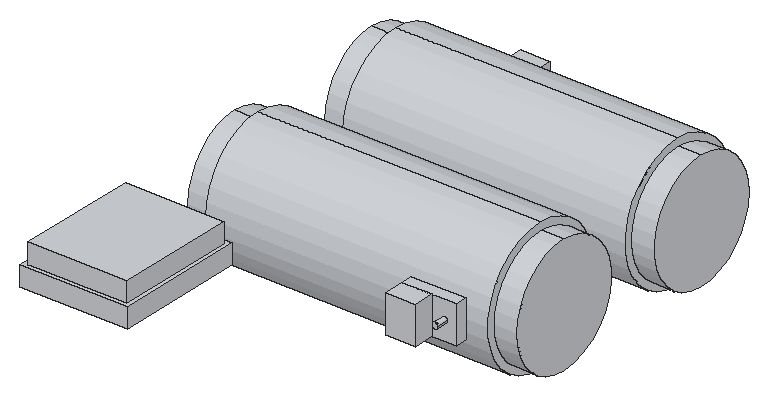
Revit family "SMART box 1  (supply-exhaust-controls)_2", category Příslušenství potrubí, Revit 2018
Family settings
  Kóta kulaté spojky = Použít průměr
  Typ dílu = Zalomí se do
  Číslo OmniClass = 23.75.00.00
  Nadpis OmniClass = Climate Control (HVAC)
  Založené na pracovní rovině = Ne
  Vždy vertikální = Ano
  Ořezat dutým tvarem při načtení = Ne
  Sdílené = Ne
Parameters (values of type "SMART Box 250 / 250")
  Width [instance] = 1.205 mm
  Weight [instance] = 14.00 kg
  URL = ""
  Type [instance] = "SMART Box 250 / 250"
  Total_SFP [instance] = 0
  Supply_outlet_hum [instance] = 0
  Supply_inlet_hum [instance] = 0
  Supply_ext_pressure [instance] = 0.0 Pa
  Supply_SFP [instance] = 0
  Source_adu_file [instance] = ""
  Recuperation_type [instance] = ""
  Recuperation_efficiency_EN308 [instance] = 0
  Project_name [instance] = ""
  Project_date [instance] = "23.8.2023"
  Power_supply_fusing [instance] = "0"
  Power_supply_cable [instance] = "0"
  Position [instance] = "SMART box 1  (supply-exhaust-controls)"
  Phases_count [instance] = 0
  Panel_thickness [instance] = 0.06 mm
  Outer_surface [instance] = "RAL 9002"
  Length [instance] = 0.7 mm
  Insulation_type [instance] = "PUR"
  Insulation_thickness [instance] = 0.05 mm
  Installation_environment [instance] = ""
  Input_power_max [instance] = 0 W
  Inner_surface [instance] = "Pozink"
  Height [instance] = 0.28 mm
  Exhaust_outlet_hum [instance] = 0
  Exhaust_inlet_hum [instance] = 40
  Exhaust_ext_pressure [instance] = 0.0 Pa
  Exhaust_SFP [instance] = 0
  E2 [instance] = 0.0 L/s
  I1 [instance] = 0.0 L/s
  Description = ""
  M1 [instance] = 0.0 L/s
  Device_dutypoint_version [instance] = "0"
  Device_design_version [instance] = "1"
  Device_adu_id [instance] = "2"
  Current_max [instance] = 0 A
  Casing_mat [instance] = "painted zinc layer"
  Cable type [instance] = ""
Reference planes
  plane 1 "Střed (vpředu/vzadu)": y = 0
  plane 2 "ref": z = 0
  plane 3 "Střed (vlevo/vpravo)": x = 0
Forms (mm)
  Sweep 1, solid
    path origin (50, 970, 140) x (0, 0, -1) y (1, 0, 0)
      loop
        line (0, 0) -> (0, 600)
    profile origin (50, 970, 140) x (0, 0, 1) y (0, -1, 0)
      loop
        circle (0, 0) r 140
  Sweep 2, solid
    path origin (50, 970, 140) x (0, 0, -1) y (1, 0, 0)
      loop
        line (0, 0) -> (0, -50)
    profile origin (50, 970, 140) x (0, 0, -1) y (0, -1, 0)
      loop
        circle (0, 0) r 125
  Sweep 3, solid
    path origin (650, 970, 140) x (0, 0, -1) y (1, 0, 0)
      loop
        line (0, 0) -> (0, 50)
    profile origin (650, 970, 140) x (0, 0, 1) y (0, -1, 0)
      loop
        circle (0, 0) r 125
  Sweep 4, solid
    path origin (0, 0, 100) x (0, 0, 1) y (1, 0, 0)
      loop
        line (0, 0) -> (80, 0)
    profile origin (0, 0, 100) x (1, 0, 0) y (0, 1, 0)
      loop
        line (98, 1110) -> (212, 1110) -> (212, 1134) -> (98, 1134) -> (98, 1110)
  Sweep 5, solid
    path origin (0, 0, 100) x (0, 0, 1) y (1, 0, 0)
      loop
        line (0, 0) -> (80, 0)
    profile origin (0, 0, 100) x (1, 0, 0) y (0, 1, 0)
      loop
        line (149, 1134) -> (212, 1134) -> (212, 1178) -> (149, 1178) -> (149, 1134)
  Sweep 6, solid
    path origin (123, 1134, 140) x (0, 1, 0) y (-1, 0, 0)
      loop
        line (0, 0) -> (24, 0)
    profile origin (123, 1134, 140) x (-1, 0, 0) y (0, 0, 1)
      loop
        circle (0, 0) r 6
  Sweep 7, solid
    path origin (50, 605, 140) x (0, 0, -1) y (1, 0, 0)
      loop
        line (0, 0) -> (0, 600)
    profile origin (50, 605, 140) x (0, 0, 1) y (0, -1, 0)
      loop
        circle (0, 0) r 140
  Sweep 8, solid
    path origin (50, 605, 140) x (0, 0, -1) y (1, 0, 0)
      loop
        line (0, 0) -> (0, -50)
    profile origin (50, 605, 140) x (0, 0, -1) y (0, -1, 0)
      loop
        circle (0, 0) r 125
  Sweep 9, solid
    path origin (650, 605, 140) x (0, 0, -1) y (1, 0, 0)
      loop
        line (0, 0) -> (0, 50)
    profile origin (650, 605, 140) x (0, 0, 1) y (0, -1, 0)
      loop
        circle (0, 0) r 125
  Sweep 10, solid
    path origin (0, 0, 100) x (0, 0, 1) y (1, 0, 0)
      loop
        line (0, 0) -> (80, 0)
    profile origin (0, 0, 100) x (1, 0, 0) y (0, 1, 0)
      loop
        line (487, 465) -> (487, 441) -> (603, 441) -> (603, 465) -> (487, 465)
  Sweep 11, solid
    path origin (0, 0, 100) x (0, 0, 1) y (1, 0, 0)
      loop
        line (0, 0) -> (80, 0)
    profile origin (0, 0, 100) x (1, 0, 0) y (0, 1, 0)
      loop
        line (487, 441) -> (487, 397) -> (551, 397) -> (551, 441) -> (487, 441)
  Sweep 12, solid
    path origin (577, 441, 140) x (0, 1, 0) y (-1, 0, 0)
      loop
        line (0, 0) -> (-24, 0)
    profile origin (577, 441, 140) x (1, 0, 0) y (0, 0, 1)
      loop
        circle (0, 0) r 6
  Sweep 13, solid
    path origin (0, 0, 224) x (0, 0, 1) y (1, 0, 0)
      loop
        line (0, 0) -> (42, 0)
    profile origin (0, 0, 224) x (1, 0, 0) y (0, 1, 0)
      loop
        line (13, 40) -> (222, 40) -> (222, 298) -> (13, 298) -> (13, 40)
  Sweep 14, solid
    path origin (0, 0, 182) x (0, 0, 1) y (1, 0, 0)
      loop
        line (0, 0) -> (42, 0)
    profile origin (0, 0, 182) x (1, 0, 0) y (0, 1, 0)
      loop
        line (4, 30) -> (232, 30) -> (232, 308) -> (4, 308) -> (4, 30)
Lines and regions (mm)
  model lines
    curve 1: line (100, 0, 280) -> (100, 465, 280)
    curve 2: line (100, 465, 280) -> (135, 465, 280)
    curve 3: line (135, 465, 280) -> (135, 0, 280)
    curve 4: line (135, 0, 280) -> (100, 0, 280)
    curve 5: line (100, 0, 265) -> (100, 465, 265)
    curve 6: line (100, 465, 265) -> (135, 465, 265)
    curve 7: line (135, 465, 265) -> (135, 0, 265)
    curve 8: line (135, 0, 265) -> (100, 0, 265)
    curve 9: line (100, 0, 265) -> (100, 0, 280)
    curve 10: line (100, 0, 280) -> (100, 465, 280)
    curve 11: line (100, 465, 280) -> (100, 465, 265)
    curve 12: line (100, 465, 265) -> (100, 0, 265)
    curve 13: line (135, 0, 265) -> (135, 0, 280)
    curve 14: line (135, 0, 280) -> (135, 465, 280)
    curve 15: line (135, 465, 280) -> (135, 465, 265)
    curve 16: line (135, 465, 265) -> (135, 0, 265)
    curve 17: line (100, 465, 280) -> (100, 830, 280)
    curve 18: line (100, 830, 280) -> (135, 830, 280)
    curve 19: line (135, 830, 280) -> (135, 465, 280)
    curve 20: line (135, 465, 280) -> (100, 465, 280)
    curve 21: line (100, 465, 265) -> (100, 830, 265)
    curve 22: line (100, 830, 265) -> (135, 830, 265)
    curve 23: line (135, 830, 265) -> (135, 465, 265)
    curve 24: line (135, 465, 265) -> (100, 465, 265)
    curve 25: line (100, 465, 265) -> (100, 465, 280)
    curve 26: line (100, 465, 280) -> (100, 830, 280)
    curve 27: line (100, 830, 280) -> (100, 830, 265)
    curve 28: line (100, 830, 265) -> (100, 465, 265)
    curve 29: line (135, 465, 265) -> (135, 465, 280)
    curve 30: line (135, 465, 280) -> (135, 830, 280)
    curve 31: line (135, 830, 280) -> (135, 830, 265)
    curve 32: line (135, 830, 265) -> (135, 465, 265)
    curve 33: line (100, 830, 280) -> (100, 1204, 280)
    curve 34: line (100, 1204, 280) -> (135, 1204, 280)
    curve 35: line (135, 1204, 280) -> (135, 830, 280)
    curve 36: line (135, 830, 280) -> (100, 830, 280)
    curve 37: line (100, 830, 265) -> (100, 1204, 265)
    curve 38: line (100, 1204, 265) -> (135, 1204, 265)
    curve 39: line (135, 1204, 265) -> (135, 830, 265)
    curve 40: line (135, 830, 265) -> (100, 830, 265)
    curve 41: line (100, 830, 265) -> (100, 830, 280)
    curve 42: line (100, 830, 280) -> (100, 1204, 280)
    curve 43: line (100, 1204, 280) -> (100, 1204, 265)
    curve 44: line (100, 1204, 265) -> (100, 830, 265)
    curve 45: line (135, 830, 265) -> (135, 830, 280)
    curve 46: line (135, 830, 280) -> (135, 1204, 280)
    curve 47: line (135, 1204, 280) -> (135, 1204, 265)
    curve 48: line (135, 1204, 265) -> (135, 830, 265)
    curve 49: line (100, 602, 265) -> (100, 602, 280)
    curve 50: line (100, 602, 280) -> (135, 602, 280)
    curve 51: line (135, 602, 280) -> (135, 602, 265)
    curve 52: line (135, 602, 265) -> (100, 602, 265)
    curve 53: line (100, 1204, 265) -> (100, 1204, 280)
    curve 54: line (100, 1204, 280) -> (135, 1204, 280)
    curve 55: line (135, 1204, 280) -> (135, 1204, 265)
    curve 56: line (135, 1204, 265) -> (100, 1204, 265)
    curve 57: line (100, 0, 265) -> (100, 0, 280)
    curve 58: line (100, 0, 280) -> (135, 0, 280)
    curve 59: line (135, 0, 280) -> (135, 0, 265)
    curve 60: line (135, 0, 265) -> (100, 0, 265)
    curve 61: line (565, 370, 280) -> (565, 465, 280)
    curve 62: line (565, 465, 280) -> (600, 465, 280)
    curve 63: line (600, 465, 280) -> (600, 370, 280)
    curve 64: line (600, 370, 280) -> (565, 370, 280)
    curve 65: line (565, 370, 265) -> (565, 465, 265)
    curve 66: line (565, 465, 265) -> (600, 465, 265)
    curve 67: line (600, 465, 265) -> (600, 370, 265)
    curve 68: line (600, 370, 265) -> (565, 370, 265)
    curve 69: line (565, 370, 265) -> (565, 370, 280)
    curve 70: line (565, 370, 280) -> (565, 465, 280)
    curve 71: line (565, 465, 280) -> (565, 465, 265)
    curve 72: line (565, 465, 265) -> (565, 370, 265)
    curve 73: line (600, 370, 265) -> (600, 370, 280)
    curve 74: line (600, 370, 280) -> (600, 465, 280)
    curve 75: line (600, 465, 280) -> (600, 465, 265)
    curve 76: line (600, 465, 265) -> (600, 370, 265)
    curve 77: line (565, 465, 280) -> (565, 830, 280)
    curve 78: line (565, 830, 280) -> (600, 830, 280)
    curve 79: line (600, 830, 280) -> (600, 465, 280)
    curve 80: line (600, 465, 280) -> (565, 465, 280)
    curve 81: line (565, 465, 265) -> (565, 830, 265)
    curve 82: line (565, 830, 265) -> (600, 830, 265)
    curve 83: line (600, 830, 265) -> (600, 465, 265)
    curve 84: line (600, 465, 265) -> (565, 465, 265)
    curve 85: line (565, 465, 265) -> (565, 465, 280)
    curve 86: line (565, 465, 280) -> (565, 830, 280)
    curve 87: line (565, 830, 280) -> (565, 830, 265)
    curve 88: line (565, 830, 265) -> (565, 465, 265)
    curve 89: line (600, 465, 265) -> (600, 465, 280)
    curve 90: line (600, 465, 280) -> (600, 830, 280)
    curve 91: line (600, 830, 280) -> (600, 830, 265)
    curve 92: line (600, 830, 265) -> (600, 465, 265)
    curve 93: line (565, 830, 280) -> (565, 1204, 280)
    curve 94: line (565, 1204, 280) -> (600, 1204, 280)
    curve 95: line (600, 1204, 280) -> (600, 830, 280)
    curve 96: line (600, 830, 280) -> (565, 830, 280)
    curve 97: line (565, 830, 265) -> (565, 1204, 265)
    curve 98: line (565, 1204, 265) -> (600, 1204, 265)
    curve 99: line (600, 1204, 265) -> (600, 830, 265)
    curve 100: line (600, 830, 265) -> (565, 830, 265)
    curve 101: line (565, 830, 265) -> (565, 830, 280)
    curve 102: line (565, 830, 280) -> (565, 1204, 280)
    curve 103: line (565, 1204, 280) -> (565, 1204, 265)
    curve 104: line (565, 1204, 265) -> (565, 830, 265)
    curve 105: line (600, 830, 265) -> (600, 830, 280)
    curve 106: line (600, 830, 280) -> (600, 1204, 280)
    curve 107: line (600, 1204, 280) -> (600, 1204, 265)
    curve 108: line (600, 1204, 265) -> (600, 830, 265)
    curve 109: line (600, 787, 265) -> (600, 787, 280)
    curve 110: line (600, 787, 280) -> (565, 787, 280)
    curve 111: line (565, 787, 280) -> (565, 787, 265)
    curve 112: line (565, 787, 265) -> (600, 787, 265)
    curve 113: line (600, 1204, 265) -> (600, 1204, 280)
    curve 114: line (600, 1204, 280) -> (565, 1204, 280)
    curve 115: line (565, 1204, 280) -> (565, 1204, 265)
    curve 116: line (565, 1204, 265) -> (600, 1204, 265)
    curve 117: line (600, 370, 265) -> (600, 370, 280)
    curve 118: line (600, 370, 280) -> (565, 370, 280)
    curve 119: line (565, 370, 280) -> (565, 370, 265)
    curve 120: line (565, 370, 265) -> (600, 370, 265)
    curve 121: line (544, 992, 280) -> (544, 948, 280)
    curve 122: line (544, 948, 280) -> (443, 948, 280)
    curve 123: line (443, 948, 280) -> (443, 914, 280)
    curve 124: line (443, 914, 280) -> (389, 970, 280)
    curve 125: line (389, 970, 280) -> (443, 1026, 280)
    curve 126: line (443, 1026, 280) -> (443, 992, 280)
    curve 127: line (443, 992, 280) -> (544, 992, 280)
    curve 128: line (156, 583, 280) -> (156, 627, 280)
    curve 129: line (156, 627, 280) -> (257, 627, 280)
    curve 130: line (257, 627, 280) -> (257, 661, 280)
    curve 131: line (257, 661, 280) -> (311, 605, 280)
    curve 132: line (311, 605, 280) -> (257, 549, 280)
    curve 133: line (257, 549, 280) -> (257, 583, 280)
    curve 134: line (257, 583, 280) -> (156, 583, 280)
    curve 135: line (49, 252, 265) -> (26, 152, 265)
    curve 136: line (26, 152, 265) -> (72, 186, 265)
    curve 137: line (72, 186, 265) -> (49, 86, 265)
    curve 138: line (51, 129, 265) -> (49, 86, 265)
    curve 139: line (49, 86, 265) -> (67, 126, 265)
    curve 140: line (222, 194, 224) -> (222, 164, 246)
    curve 141: line (222, 164, 246) -> (222, 174, 201)
    curve 142: line (222, 174, 201) -> (222, 144, 224)
    curve 143: line (222, 157, 221) -> (222, 144, 224)
    curve 144: line (222, 144, 224) -> (222, 156, 205)
    curve 145: line (13, 194, 224) -> (13, 164, 201)
    curve 146: line (13, 164, 201) -> (13, 174, 246)
    curve 147: line (13, 174, 246) -> (13, 144, 224)
    curve 148: line (13, 157, 226) -> (13, 144, 224)
    curve 149: line (13, 144, 224) -> (13, 156, 242)
    curve 150: circle (117, 1190, 265) r 4 normal (0, 0, 1)
    curve 151: circle (117, 15, 265) r 4 normal (0, 0, 1)
    curve 152: circle (117, 1190, 280) r 4 normal (0, 0, 1)
    curve 153: circle (117, 15, 280) r 4 normal (0, 0, 1)
    curve 154: circle (583, 1190, 265) r 4 normal (0, 0, 1)
    curve 155: circle (583, 386, 265) r 4 normal (0, 0, 1)
    curve 156: circle (583, 1190, 280) r 4 normal (0, 0, 1)
    curve 157: circle (583, 386, 280) r 4 normal (0, 0, 1)
    curve 158: circle (50, 970, 140) r 140 normal (1, 0, 0)
    curve 159: circle (650, 970, 140) r 140 normal (1, 0, 0)
    curve 160: circle (650, 970, 140) r 125 normal (1, 0, 0)
    curve 161: circle (50, 970, 140) r 125 normal (1, 0, 0)
    curve 162: circle (50, 605, 140) r 140 normal (1, 0, 0)
    curve 163: circle (650, 605, 140) r 140 normal (1, 0, 0)
    curve 164: circle (650, 605, 140) r 125 normal (1, 0, 0)
    curve 165: circle (50, 605, 140) r 125 normal (1, 0, 0)
Dimensions and locks
  aligned and locked: level to plane 2 "ref"
Connectors
  hvac at (0, 970, 140), driven by "E2"
    settings: on Sweep 2, index 1, duct flow 0.0 L/s, flow factor 1, pres drop 0.0 Pa, loss coef 0, conn angle 0.00°, conn width 304.8 mm, conn height 304.8 mm, conn diameter 250 mm, duct sys type 1, conn prof type 0, flow config 2, flow direction 2, loss method 0, conn ref index -1, conn util no, is conn primary yes, conn desc ""
  hvac at (700, 970, 140), driven by "E2"
    settings: on Sweep 3, index 2, duct flow 0.0 L/s, flow factor 0, pres drop 0.0 Pa, loss coef 0, conn angle 0.00°, conn width 304.8 mm, conn height 304.8 mm, conn diameter 250 mm, duct sys type 1, conn prof type 0, flow config 1, flow direction 1, loss method 0, conn ref index -1, conn util no, is conn primary no, conn desc ""
  hvac at (0, 605, 140), driven by "I1"
    settings: on Sweep 8, index 3, duct flow 0.0 L/s, flow factor 1, pres drop 0.0 Pa, loss coef 0, conn angle 0.00°, conn width 304.8 mm, conn height 304.8 mm, conn diameter 250 mm, duct sys type 3, conn prof type 0, flow config 2, flow direction 1, loss method 0, conn ref index -1, conn util no, is conn primary no, conn desc ""
  hvac at (700, 605, 140), driven by "I1"
    settings: on Sweep 9, index 4, duct flow 0.0 L/s, flow factor 0, pres drop 0.0 Pa, loss coef 0, conn angle 0.00°, conn width 304.8 mm, conn height 304.8 mm, conn diameter 250 mm, duct sys type 3, conn prof type 0, flow config 1, flow direction 2, loss method 0, conn ref index -1, conn util no, is conn primary no, conn desc ""
